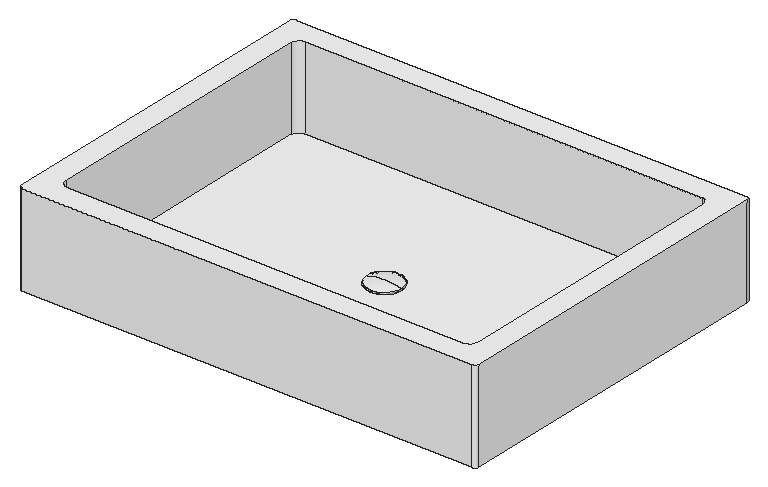
Revit family "Canale 60", category Plumbing Fixtures, Revit 2013
Parameters (values of type "Canale 60")
  URL = "http://www.yepsketch.com"
  Product Code = "001/129"
  Model = "Canale 60"
  Material = Ceramic
  Manufacturer = "Studio Bagno"
  Dimensions = "600 x 450 x 100 mm"
  Cost = 990
  Author = "YEPSKETCH"
  Assembly Code = "D2010310"
Reference planes
  plane 1 "Center (Front/Back)": y = 0
  plane 2: z = 0
  plane 3 "Center (Left/Right)": x = 0
Forms (mm)
  Extrusion 1, solid, material "Ceramic" <- "Material"
    sketch origin (0, 0, 0) x (1, 0, 0) y (0, 1, 0)
      loop
        arc (-295, 225) -> (-298.536, 223.536) -> (-300, 220) r 5
        line (-300, 220) -> (-300, -220)
        arc (-300, -220) -> (-298.536, -223.536) -> (-295, -225) r 5
        line (-295, -225) -> (295, -225)
        arc (295, -225) -> (298.536, -223.536) -> (300, -220) r 5
        line (300, -220) -> (300, 220)
        arc (300, 220) -> (298.536, 223.536) -> (295, 225) r 5
        line (295, 225) -> (-295, 225)
    from 0 to 120
  Extrusion 2, void
    sketch origin (0, 0, 0) x (1, 0, 0) y (0, 1, 0)
      loop
        arc (-260, 195) -> (-267.071, 192.071) -> (-270, 185) r 10
        line (-270, 185) -> (-270, -185)
        arc (-270, -185) -> (-267.071, -192.071) -> (-260, -195) r 10
        line (-260, -195) -> (260, -195)
        arc (260, -195) -> (267.071, -192.071) -> (270, -185) r 10
        line (270, -185) -> (270, 185)
        arc (270, 185) -> (267.071, 192.071) -> (260, 195) r 10
        line (260, 195) -> (-260, 195)
    from 12.676 to 120
  Revolve 3, void
    sketch origin (0, 0, 0) x (1, 0, 0) y (0, 0, 1)
      loop
        line (0, 35.825) -> (0, -14.175) -> (22.5, -14.175) -> (22.5, 35.825) -> (0, 35.825)
      axis (0, 35.825) -> (0, -14.175)
    angle from 0 to 360
  Revolve 4, solid, material "Steel, Chrome Plated", detail levels fine
    sketch origin (0, 0, 0) x (1, 0, 0) y (0, 0, 1)
      loop
        arc (22.658, 14.824) -> (11.397, 16.688) -> (0, 17.311) r 104.439
        line (0, 17.311) -> (0, 13.648) -> (21.832, 13.648)
        arc (21.832, 13.648) -> (22.366, 13.769) -> (22.796, 14.108) r 1.239
        arc (22.796, 14.108) -> (22.962, 14.511) -> (22.658, 14.824) r 0.397
      axis (0, 17.311) -> (0, 13.648)
    angle from 0 to 360
Cuts and joins
  Extrusion 2, Revolve 3 cuts Extrusion 1
Dimensions and locks
  aligned and locked: level to plane 2
